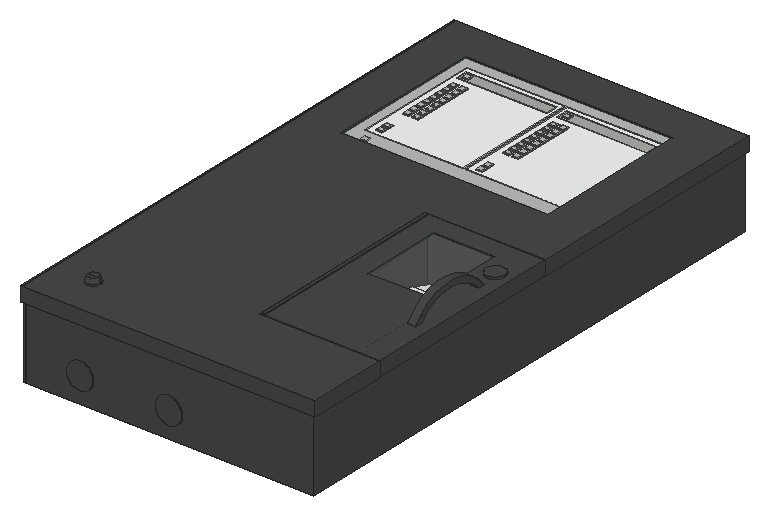
Revit family "Electronics_Communication_Talkaphone_AOR-16-Station-Analog-Command-Unit", category Telephone Devices, host Face, Revit 2020
Family settings
  Host = Face
  Maintain Annotation Orientation = No
  Round Connector Dimension = Use Diameter
  Part Type = Normal
  OmniClass Number = 23.37.27.17
  OmniClass Title = Emergency Call Equipment
  Cut with Voids When Loaded = No
  Shared = No
  Room Calculation Point = No
Parameters (values of type "16-Station Analog Command Unit")
  _without big door [instance] = not(Visible Big Door)  # no
  _small door [instance] = and(Visible Big Door, Visible Small Door)  # yes
  Wiring = "One (1) twisted, shielded pair per station not to exceed 25 ohms resistance"
  Width = 14.50"  # constant formula
  Warranty = "5-year limited warranty"
  Voltage = 120 V  # constant formula
  Visible Small Door [instance] = yes
  Visible Big Door [instance] = yes
  URL = "https://www.talkaphone.com/"
  Supervision Relay = "Activation of Any AOR Station: Contact closure (relay) output; Open/Short Fault on AOR Stations: Contact closure (relay) output; AC Input Power Failure: 24VDC output; Low Battery (Low Voltage Detected): Low/short output; and System Ground Fault: Contact closure (relay) output."
  Sound = "Strobe/siren outputs 1 of 8 alerting sounds ranging from 90 to 100 dBA"
  Programming = "Programming of the Analog Command Unit and Analog Stations can be carried out through the built-in phone via touch-tone commands. All programming is stored on non-volatile EEPROMs."
  Product data url = "https://www.bimobject.com/talkaphone/product/aor-16_area-of-rescue-16-station-command-unit"
  Product Material = Talkaphone - Steel - Black
  Product Guid = "3b7be317-49c3-402e-98d2-5a8fb7e7db29"
  Power Source = "120VAC, 0.7 A (max)"
  Power Factor = 1
  Number of Poles = 1
  Mounting = "Surface mount or recess mount with optional trim ring (Model AOR-TR16). Strobe/sounder mounts to standard 4-inch square box."
  Model = "AOR-16"
  Manufacturer = "Talkaphone"  # constant formula
  Lighting = "Strobe is rated at 15 candela, flashes once per second"
  Keynote = "27 30 00"
  Height = 26.70"  # constant formula
  Fault Reset = "Push button switch provided to temporarily silence while faults are corrected or to re-test/reset fault indicators after faults have been resolved"
  Fault Monitoring = "Activation of any AOR Station, opens/shorts on AOR Station cabling, 110VAC input power failure (primary power loss), low battery backup (low voltage detected), and system ground fault"
  Environment = "For indoor use"
  Edition number = 1
  Description = "THIS FULLY INTEGRATED COMMAND UNIT ACCOMMODATES UP TO 16 ADA-COMPLIANT AREA OF RESCUE STATIONS. THE UNIT’S STROBE/SOUNDER INDICATES AN INCOMING CALL, AND LED LIGHTS INDICATE THE CALLING LOCATION."
  Depth = 5.00"  # constant formula
  Default Elevation = 48.00"
  Construction = "16 gauge, painted steel enclosure with polycarbonate windows"
  Connectivity = "Supports one (1) analog phone line (PSTN line) per bank of 8-stations for off-site dialing (total of two (2) PSTN lines)"
  Connection = "Internal terminal block"
  Communication = "Lighted phone with 12-button keypad receives and selectively originates calls"
  Call Station Options = "Indoor Flush Mount Model: AOR-CSE-FM, Indoor Surface Mount Model: AOR-CSE-SM"
  Assembly Code = "D5030300"
  Approvals = "Power Supply Approvals: EMI conducted and radiated EN61204-3 Class A, Safety EN60950, UL294 Access Control, UL 603 Burglar Systems, UL 1076 Proprietary Burglar, UL 1481 Fire Alarm Systems"
  Apparent Load = 0 VA
  AC Input Rating = "100-240VAC, 50-60 Hz, 2.5A"
Reference planes (in)
  plane 1 "Center (Front/Back)": y = 0
  plane 2: z = 0
  plane 3 "Center (Left/Right)": x = 0
  plane 4: z = 3.9004
Forms (in)
  Extrusion 1, solid, material "Talkaphone - Steel - Black" <- "Product Material"
    sketch origin (0, 0, 0.0625) x (1, 0, 0) y (0, 0, 1)
      loop
        line (-6.69575, 3.604) -> (-7.125, 3.604) -> (-7.125, -0.0625) -> (-7.0625, -0.0625) -> (-7.0625, 3.54164) -> (-6.69575, 3.54164) -> (-6.69575, 3.604)
    from -13.2525 to 13.2525
  Extrusion 2, solid, material "Talkaphone - Steel - Black" <- "Product Material"
    sketch origin (0, 0, 0) x (1, 0, 0) y (0, 1, 0)
      loop
        line (-7.0625, 13.19) -> (-7.0625, -13.19) -> (7.0625, -13.19) -> (7.0625, 13.19) -> (-7.0625, 13.19)
    from 0 to 0.0625
  Extrusion 3, solid, material "Talkaphone - Steel - Black" <- "Product Material", detail levels medium+fine
    sketch origin (0, 0, 0) x (1, 0, 0) y (0, 1, 0)
      loop
        line (1.305, -13.19) -> (1.305, 0.9775) -> (7.0625, 0.9775) -> (7.0625, 1.0375) -> (1.245, 1.0375) -> (1.245, -13.19) -> (1.305, -13.19)
    from 0.0625 to 3.8125
  Extrusion 4, solid, material "Talkaphone - Steel - Black" <- "Product Material", detail levels medium+fine
    sketch origin (0, 0, 0) x (1, 0, 0) y (0, 1, 0)
      loop
        line (-1.875, -7.6275) -> (-1.875, -7.6875) -> (-1.06, -7.6875) -> (-1.06, -13.1275) -> (-1, -13.1275) -> (-1, -7.6275) -> (-1.875, -7.6275)
    from 0.372 to 4.122
  Extrusion 5, solid, material "Talkaphone - Steel - Black" <- "Product Material", detail levels medium+fine
    sketch origin (0, 0, 0) x (1, 0, 0) y (0, 1, 0)
      loop
        line (-5.32776, -3.90604) -> (-5.32776, -10.02809) -> (-4.93406, -10.02809) -> (-4.93406, -9.64817)
        arc (-4.93406, -9.64817) -> (-4.86083, -9.47139) -> (-4.68406, -9.39817) r 0.25
        line (-4.68406, -9.39817) -> (-1.92224, -9.39817) -> (-1.92224, -4.53596) -> (-4.68406, -4.53596)
        arc (-4.68406, -4.53596) -> (-4.86083, -4.46274) -> (-4.93406, -4.28596) r 0.25
        line (-4.93406, -4.28596) -> (-4.93406, -3.90604) -> (-5.32776, -3.90604)
      loop
        line (-4.74846, -4.96252) -> (-5.04846, -4.96252) -> (-5.19846, -5.22233) -> (-5.04846, -5.48214) -> (-4.74846, -5.48214) -> (-4.59846, -5.22233) -> (-4.74846, -4.96252)
      loop
        line (-4.67918, -4.92252) -> (-4.52918, -5.18233) -> (-4.22918, -5.18233) -> (-4.07918, -4.92252) -> (-4.22918, -4.66272) -> (-4.52918, -4.66272) -> (-4.67918, -4.92252)
      loop
        line (-4.22918, -5.28172) -> (-4.52918, -5.28172) -> (-4.67918, -5.54152) -> (-4.52918, -5.80133) -> (-4.22918, -5.80133) -> (-4.07918, -5.54152) -> (-4.22918, -5.28172)
      loop
        line (-3.71046, -4.96252) -> (-4.01046, -4.96252) -> (-4.16046, -5.22233) -> (-4.01046, -5.48214) -> (-3.71046, -5.48214) -> (-3.56046, -5.22233) -> (-3.71046, -4.96252)
      loop
        line (-3.64118, -4.92252) -> (-3.49118, -5.18233) -> (-3.19118, -5.18233) -> (-3.04118, -4.92252) -> (-3.19118, -4.66272) -> (-3.49118, -4.66272) -> (-3.64118, -4.92252)
      loop
        line (-3.19118, -5.28172) -> (-3.49118, -5.28172) -> (-3.64118, -5.54152) -> (-3.49118, -5.80133) -> (-3.19118, -5.80133) -> (-3.04118, -5.54152) -> (-3.19118, -5.28172)
      loop
        line (-2.67246, -4.96252) -> (-2.97246, -4.96252) -> (-3.12246, -5.22233) -> (-2.97246, -5.48214) -> (-2.67246, -5.48214) -> (-2.52246, -5.22233) -> (-2.67246, -4.96252)
      loop
        line (-2.60318, -4.92252) -> (-2.45318, -5.18233) -> (-2.15318, -5.18233) -> (-2.00318, -4.92252) -> (-2.15318, -4.66272) -> (-2.45318, -4.66272) -> (-2.60318, -4.92252)
      loop
        line (-2.15318, -5.28172) -> (-2.45318, -5.28172) -> (-2.60318, -5.54152) -> (-2.45318, -5.80133) -> (-2.15318, -5.80133) -> (-2.00318, -5.54152) -> (-2.15318, -5.28172)
      loop
        line (-4.74846, -6.20052) -> (-5.04846, -6.20052) -> (-5.19846, -6.46033) -> (-5.04846, -6.72014) -> (-4.74846, -6.72014) -> (-4.59846, -6.46033) -> (-4.74846, -6.20052)
      loop
        line (-4.67918, -6.16052) -> (-4.52918, -6.42033) -> (-4.22918, -6.42033) -> (-4.07918, -6.16052) -> (-4.22918, -5.90072) -> (-4.52918, -5.90072) -> (-4.67918, -6.16052)
      loop
        line (-4.22918, -6.51972) -> (-4.52918, -6.51972) -> (-4.67918, -6.77952) -> (-4.52918, -7.03933) -> (-4.22918, -7.03933) -> (-4.07918, -6.77952) -> (-4.22918, -6.51972)
      loop
        line (-3.71046, -6.20052) -> (-4.01046, -6.20052) -> (-4.16046, -6.46033) -> (-4.01046, -6.72014) -> (-3.71046, -6.72014) -> (-3.56046, -6.46033) -> (-3.71046, -6.20052)
      loop
        line (-3.64118, -6.16052) -> (-3.49118, -6.42033) -> (-3.19118, -6.42033) -> (-3.04118, -6.16052) -> (-3.19118, -5.90072) -> (-3.49118, -5.90072) -> (-3.64118, -6.16052)
      loop
        line (-3.19118, -6.51972) -> (-3.49118, -6.51972) -> (-3.64118, -6.77952) -> (-3.49118, -7.03933) -> (-3.19118, -7.03933) -> (-3.04118, -6.77952) -> (-3.19118, -6.51972)
      loop
        line (-2.67246, -6.20052) -> (-2.97246, -6.20052) -> (-3.12246, -6.46033) -> (-2.97246, -6.72014) -> (-2.67246, -6.72014) -> (-2.52246, -6.46033) -> (-2.67246, -6.20052)
      loop
        line (-2.60318, -6.16052) -> (-2.45318, -6.42033) -> (-2.15318, -6.42033) -> (-2.00318, -6.16052) -> (-2.15318, -5.90072) -> (-2.45318, -5.90072) -> (-2.60318, -6.16052)
      loop
        line (-2.15318, -6.51972) -> (-2.45318, -6.51972) -> (-2.60318, -6.77952) -> (-2.45318, -7.03933) -> (-2.15318, -7.03933) -> (-2.00318, -6.77952) -> (-2.15318, -6.51972)
      loop
        line (-4.74846, -5.58059) -> (-5.04846, -5.58059) -> (-5.19846, -5.8404) -> (-5.04846, -6.10021) -> (-4.74846, -6.10021) -> (-4.59846, -5.8404) -> (-4.74846, -5.58059)
      loop
        line (-3.71046, -5.58059) -> (-4.01046, -5.58059) -> (-4.16046, -5.8404) -> (-4.01046, -6.10021) -> (-3.71046, -6.10021) -> (-3.56046, -5.8404) -> (-3.71046, -5.58059)
      loop
        line (-2.67246, -5.58059) -> (-2.97246, -5.58059) -> (-3.12246, -5.8404) -> (-2.97246, -6.10021) -> (-2.67246, -6.10021) -> (-2.52246, -5.8404) -> (-2.67246, -5.58059)
      loop
        line (-4.74846, -7.43852) -> (-5.04846, -7.43852) -> (-5.19846, -7.69833) -> (-5.04846, -7.95814) -> (-4.74846, -7.95814) -> (-4.59846, -7.69833) -> (-4.74846, -7.43852)
      loop
        line (-4.67918, -7.39852) -> (-4.52918, -7.65833) -> (-4.22918, -7.65833) -> (-4.07918, -7.39852) -> (-4.22918, -7.13872) -> (-4.52918, -7.13872) -> (-4.67918, -7.39852)
      loop
        line (-4.22918, -7.75772) -> (-4.52918, -7.75772) -> (-4.67918, -8.01752) -> (-4.52918, -8.27733) -> (-4.22918, -8.27733) -> (-4.07918, -8.01752) -> (-4.22918, -7.75772)
      loop
        line (-3.71046, -7.43852) -> (-4.01046, -7.43852) -> (-4.16046, -7.69833) -> (-4.01046, -7.95814) -> (-3.71046, -7.95814) -> (-3.56046, -7.69833) -> (-3.71046, -7.43852)
      loop
        line (-3.64118, -7.39852) -> (-3.49118, -7.65833) -> (-3.19118, -7.65833) -> (-3.04118, -7.39852) -> (-3.19118, -7.13872) -> (-3.49118, -7.13872) -> (-3.64118, -7.39852)
      loop
        line (-3.19118, -7.75772) -> (-3.49118, -7.75772) -> (-3.64118, -8.01752) -> (-3.49118, -8.27733) -> (-3.19118, -8.27733) -> (-3.04118, -8.01752) -> (-3.19118, -7.75772)
      loop
        line (-2.67246, -7.43852) -> (-2.97246, -7.43852) -> (-3.12246, -7.69833) -> (-2.97246, -7.95814) -> (-2.67246, -7.95814) -> (-2.52246, -7.69833) -> (-2.67246, -7.43852)
      loop
        line (-2.60318, -7.39852) -> (-2.45318, -7.65833) -> (-2.15318, -7.65833) -> (-2.00318, -7.39852) -> (-2.15318, -7.13872) -> (-2.45318, -7.13872) -> (-2.60318, -7.39852)
      loop
        line (-2.15318, -7.75772) -> (-2.45318, -7.75772) -> (-2.60318, -8.01752) -> (-2.45318, -8.27733) -> (-2.15318, -8.27733) -> (-2.00318, -8.01752) -> (-2.15318, -7.75772)
      loop
        line (-4.74846, -8.67652) -> (-5.04846, -8.67652) -> (-5.19846, -8.93633) -> (-5.04846, -9.19614) -> (-4.74846, -9.19614) -> (-4.59846, -8.93633) -> (-4.74846, -8.67652)
      loop
        line (-4.67918, -8.63652) -> (-4.52918, -8.89633) -> (-4.22918, -8.89633) -> (-4.07918, -8.63652) -> (-4.22918, -8.37672) -> (-4.52918, -8.37672) -> (-4.67918, -8.63652)
      loop
        line (-3.71046, -8.67652) -> (-4.01046, -8.67652) -> (-4.16046, -8.93633) -> (-4.01046, -9.19614) -> (-3.71046, -9.19614) -> (-3.56046, -8.93633) -> (-3.71046, -8.67652)
      loop
        line (-3.64118, -8.63652) -> (-3.49118, -8.89633) -> (-3.19118, -8.89633) -> (-3.04118, -8.63652) -> (-3.19118, -8.37672) -> (-3.49118, -8.37672) -> (-3.64118, -8.63652)
      loop
        line (-2.67246, -8.67652) -> (-2.97246, -8.67652) -> (-3.12246, -8.93633) -> (-2.97246, -9.19614) -> (-2.67246, -9.19614) -> (-2.52246, -8.93633) -> (-2.67246, -8.67652)
      loop
        line (-2.60318, -8.63652) -> (-2.45318, -8.89633) -> (-2.15318, -8.89633) -> (-2.00318, -8.63652) -> (-2.15318, -8.37672) -> (-2.45318, -8.37672) -> (-2.60318, -8.63652)
      loop
        line (-4.74846, -8.05659) -> (-5.04846, -8.05659) -> (-5.19846, -8.3164) -> (-5.04846, -8.57621) -> (-4.74846, -8.57621) -> (-4.59846, -8.3164) -> (-4.74846, -8.05659)
      loop
        line (-3.71046, -8.05659) -> (-4.01046, -8.05659) -> (-4.16046, -8.3164) -> (-4.01046, -8.57621) -> (-3.71046, -8.57621) -> (-3.56046, -8.3164) -> (-3.71046, -8.05659)
      loop
        line (-2.67246, -8.05659) -> (-2.97246, -8.05659) -> (-3.12246, -8.3164) -> (-2.97246, -8.57621) -> (-2.67246, -8.57621) -> (-2.52246, -8.3164) -> (-2.67246, -8.05659)
      loop
        line (-4.74989, -6.81705) -> (-5.04989, -6.81705) -> (-5.19989, -7.07686) -> (-5.04989, -7.33667) -> (-4.74989, -7.33667) -> (-4.59989, -7.07686) -> (-4.74989, -6.81705)
      loop
        line (-3.71243, -6.81705) -> (-4.01243, -6.81705) -> (-4.16243, -7.07686) -> (-4.01243, -7.33667) -> (-3.71243, -7.33667) -> (-3.56243, -7.07686) -> (-3.71243, -6.81705)
      loop
        line (-2.66828, -6.81705) -> (-2.96828, -6.81705) -> (-3.11828, -7.07686) -> (-2.96828, -7.33667) -> (-2.66828, -7.33667) -> (-2.51828, -7.07686) -> (-2.66828, -6.81705)
    from 1.76964 to 1.82869
  Extrusion 6, solid, material "Talkaphone - Steel - Black" <- "Product Material", detail levels medium+fine
    sketch origin (0, 0, 0) x (1, 0, 0) y (0, 0, 1)
      loop
        line (-5.2687, 1.76964) -> (-5.325, 1.76964) -> (-5.325, 0.372) -> (-1.92224, 0.372) -> (-1.92224, 0.73027) -> (-5.2687, 0.73027) -> (-5.2687, 1.76964)
    from 3.90604 to 10.02809
  Extrusion 7, solid, material "Talkaphone - Steel - Black" <- "Product Material", detail levels medium+fine
    sketch origin (0, 0, 0) x (1, 0, 0) y (0, 0, 1)
      loop
        line (-1.92224, 1.76964) -> (-1.9813, 1.76964) -> (-1.9813, 0.48429) -> (-1.92224, 0.48429) -> (-1.92224, 1.76964)
    from 4.53596 to 9.39817
  Extrusion 8, solid, material "Talkaphone - Steel - Black" <- "Product Material", detail levels medium+fine
    sketch origin (0, 0, 0) x (1, 0, 0) y (0, 1, 0)
      loop
        line (-1.125, -3.7525) -> (-6.125, -3.7525) -> (-6.125, -10.2525) -> (-1.125, -10.2525) -> (-1.125, -3.7525)
    from 0.312 to 0.372
  Extrusion 9, solid, material "Talkaphone - Steel - Black" <- "Product Material", detail levels medium+fine
    sketch origin (0, 0, 0) x (0, 1, 0) y (0, 0, 1)
      loop
        line (-2.9625, 3.77251) -> (-2.5625, 3.77251) -> (-2.5625, 3.83251) -> (-3.0225, 3.83251) -> (-3.0225, 0.0625) -> (-2.9625, 0.0625) -> (-2.9625, 3.77251)
    from -6.125 to 0.375
  Extrusion 10, solid, material "Talkaphone - Steel - Black" <- "Product Material", detail levels medium+fine
    sketch origin (0, 0, 0) x (1, 0, 0) y (0, 1, 0)
      loop
        line (-4.625, -3.0225) -> (-4.625, -3.5725) -> (-1.125, -3.5725) -> (-1.125, -3.0225) -> (-4.625, -3.0225)
      loop
        line (-4.655, -1.5225) -> (-6.125, -1.5225) -> (-6.125, -2.9625) -> (-4.655, -2.9625) -> (-4.655, -1.5225)
      loop
        line (-1.095, -2.9625) -> (0.375, -2.9625) -> (0.375, -1.5225) -> (-1.095, -1.5225) -> (-1.095, -2.9625)
    from 0.0625 to 0.1225
  Extrusion 11, solid, material "Talkaphone - Steel - Black" <- "Product Material", detail levels medium+fine
    sketch origin (0, 0, 0) x (1, 0, 0) y (0, 1, 0)
      loop
        line (-3.3125, 8.59) -> (-3.3125, 2.09) -> (2.9375, 2.09) -> (2.9375, 3.09) -> (5.6875, 3.09) -> (5.6875, 2.09) -> (6.4375, 2.09) -> (6.4375, 8.59) -> (-3.3125, 8.59)
    from 2.8452 to 2.9092
  Extrusion 12, solid, material "Talkaphone - Steel - Black" <- "Product Material", detail levels medium+fine
    sketch origin (0, 0, 0) x (1, 0, 0) y (0, 1, 0)
      loop
        line (-3.3125, 9.6242) -> (-3.3125, 2.09) -> (6.4375, 2.09) -> (6.4375, 9.6242) -> (-3.3125, 9.6242)
    from 0.08464 to 0.1225
  Extrusion 13, solid, material "Talkaphone - Steel - Black" <- "Product Material", detail levels medium+fine
    sketch origin (0, 0, 0) x (1, 0, 0) y (0, 1, 0)
      loop
        line (2.0639, 5.52084) -> (1.81197, 5.52084) -> (1.81197, 5.26891) -> (2.0639, 5.26891) -> (2.0639, 5.52084)
      loop
        line (6.31288, 9.46646) -> (6.06095, 9.46646) -> (6.06095, 9.21453) -> (6.31288, 9.21453) -> (6.31288, 9.46646)
      loop
        line (-2.93909, 9.46646) -> (-3.19102, 9.46646) -> (-3.19102, 9.21453) -> (-2.93909, 9.21453) -> (-2.93909, 9.46646)
    from 0.0625 to 1.5952
  Extrusion 14, solid, material "Talkaphone - Steel - Black" <- "Product Material", detail levels medium+fine
    sketch origin (0, 0, 0) x (1, 0, 0) y (0, 1, 0)
      loop
        line (-2.93909, 5.96503) -> (-3.19102, 5.96503) -> (-3.19102, 5.7131) -> (-2.93909, 5.7131) -> (-2.93909, 5.96503)
      loop
        line (-2.93909, 2.46596) -> (-3.19102, 2.46596) -> (-3.19102, 2.21403) -> (-2.93909, 2.21403) -> (-2.93909, 2.46596)
      loop
        line (6.31288, 5.96503) -> (6.06095, 5.96503) -> (6.06095, 5.7131) -> (6.31288, 5.7131) -> (6.31288, 5.96503)
      loop
        line (6.31288, 2.46596) -> (6.06095, 2.46596) -> (6.06095, 2.21403) -> (6.31288, 2.21403) -> (6.31288, 2.46596)
    from 0.0625 to 2.8452
  Extrusion 15, solid, material "Talkaphone - Plastic - Grey_RAL 9006", detail levels fine
    sketch origin (0, 0.35118, 1.02438) x (1, 0, 0) y (0, 0.977332, 0.211712)
      loop
        line (5.375, -5.56865) -> (5.375, -5.81295) -> (5.875, -5.81295) -> (5.875, -5.56865) -> (5.375, -5.56865)
      loop
        line (5.875, -5.32436) -> (5.875, -5.08006) -> (5.375, -5.08006) -> (5.375, -5.32436) -> (5.875, -5.32436)
      loop
        line (5.875, -4.83577) -> (5.875, -4.59148) -> (5.375, -4.59148) -> (5.375, -4.83577) -> (5.875, -4.83577)
    from 2.01439 to 2.2056
  Sweep 16, solid, material "Talkaphone - Plastic - White", detail levels medium+fine
    path origin (0, -0.00085, -0.00027) x (0, 1, -0.000253) y (0, 0.000253, 1)
      loop
        line (-7.783, 2.41414) -> (-4.76152, 3.18164)
        arc (-4.76152, 3.18164) -> (-3.56524, 3.30908) -> (-2.38145, 3.09474) r 4.2318
        line (-2.38145, 3.09474) -> (-0.54396, 2.48224)
    profile origin (0, -3.56526, 3.30972) x (0, -0.036742, -0.999325) y (1, 0, 0)
      loop
        line (0.00282, 4.325) -> (0.00282, 3.325) -> (0.35259, 2.825) -> (1.17994, 2.825) -> (1.17994, 4.825) -> (0.35259, 4.825) -> (0.00282, 4.325)
  Extrusion 17, void
    sketch origin (0, 0, 0) x (1, 0, 0) y (0, 1, 0)
      loop
        spline (3.75, 0.24102) -> (3.62658, 0.23324) -> (3.50527, 0.21023) -> (3.38812, 0.17253) -> (3.27718, 0.12064) -> (3.17442, 0.05523) -> (3.08146, -0.02239) -> (2.99985, -0.11081) -> (2.93111, -0.20856) -> (2.87663, -0.31413) -> (2.83712, -0.42563) -> (2.81316, -0.54107) -> (2.80531, -0.6585)
        line (2.80531, -0.6585) -> (2.80531, -7.6826)
        spline (2.80531, -7.6826) -> (2.81178, -7.80352) -> (2.83461, -7.92258) -> (2.87325, -8.03771) -> (2.92715, -8.14684) -> (2.9956, -8.248) -> (3.0772, -8.33957) -> (3.1704, -8.42003) -> (3.27364, -8.48786) -> (3.38525, -8.54171) -> (3.50324, -8.58085) -> (3.62549, -8.60474) -> (3.74989, -8.61282)
        line (3.74989, -8.61282) -> (3.89989, -8.61282)
        spline (3.89989, -8.61282) -> (4.02312, -8.60489) -> (4.14426, -8.58146) -> (4.26126, -8.54304) -> (4.37206, -8.49018) -> (4.47471, -8.42356) -> (4.5676, -8.34449) -> (4.64919, -8.25444) -> (4.71797, -8.15487) -> (4.77257, -8.04734) -> (4.81226, -7.93376) -> (4.83648, -7.81613) -> (4.84469, -7.69645)
        line (4.84469, -7.69645) -> (4.84469, -0.65565)
        spline (4.84469, -0.65565) -> (4.83648, -0.53849) -> (4.81223, -0.42334) -> (4.77251, -0.31216) -> (4.71789, -0.20692) -> (4.64908, -0.10949) -> (4.56747, -0.02139) -> (4.47459, 0.05596) -> (4.37195, 0.12111) -> (4.26118, 0.1728) -> (4.14423, 0.21036) -> (4.02316, 0.23327) -> (3.9, 0.24102)
        line (3.9, 0.24102) -> (3.75, 0.24102)
    from 0.80184 to 2.38463
  Extrusion 18, solid, material "Talkaphone - Steel - Black" <- "Product Material", detail levels medium+fine
    sketch origin (0, 0, 0) x (1, 0, 0) y (0, 0, 1)
      loop
        arc (-7.227, 3.7085) -> (-7.28983, 3.55682) -> (-7.13815, 3.61965) r 0.08885
        line (-7.13815, 3.61965) -> (-7.13815, 3.6665) -> (-6.69575, 3.6665) -> (-6.69575, 3.7085) -> (-7.227, 3.7085)
    from -12.252 to 11.748
  Extrusion 19, solid, material "Talkaphone - Steel - Black" <- "Product Material"
    sketch origin (0, 0, 0) x (1, 0, 0) y (0, 1, 0)
      loop
        line (7.125, 13.2525) -> (-7.0625, 13.2525) -> (-7.0625, 13.19) -> (7.0625, 13.19) -> (7.0625, -13.19) -> (-7.0625, -13.19) -> (-7.0625, -13.2525) -> (7.125, -13.2525) -> (7.125, 13.2525)
    from 0 to 4.1775
  Extrusion 20, solid, material "Talkaphone - Steel - Black" <- "Product Material", detail levels medium+fine
    sketch origin (0, 0, 0) x (1, 0, 0) y (0, 1, 0)
      loop
        line (-6.125, 1.0175) -> (-6.125, -3.0025) -> (-3.325, -3.0025) -> (-3.325, 1.0175) -> (-6.125, 1.0175)
      loop
        line (-2.425, 1.0175) -> (-2.425, -3.0025) -> (0.375, -3.0025) -> (0.375, 1.0175) -> (-2.425, 1.0175)
    from 0.1225 to 3.6665
  Extrusion 21, solid, material "Talkaphone - Steel - Black" <- "Product Material", detail levels medium+fine
    sketch origin (0, 0, 0) x (1, 0, 0) y (0, 1, 0)
      loop
        circle (-4.37733, 11.75045) r 0.65758
      loop
        circle (0, 11.75045) r 0.65758
      loop
        circle (4.37733, 11.75045) r 0.65758
      loop
        circle (-4.87551, 8.25474) r 0.65758
      loop
        circle (-4.37733, -11.5025) r 0.65758
      loop
        circle (0, -11.5025) r 0.65758
    from 0 to 0.0625
  Extrusion 22, solid, material "Talkaphone - Steel - Black" <- "Product Material", detail levels medium+fine
    sketch origin (0, 0, 0) x (1, 0, 0) y (0, 0, 1)
      loop
        circle (-4.37733, 1.24938) r 0.65758
      loop
        circle (0, 1.24938) r 0.65758
      loop
        circle (4.37377, 1.24938) r 0.65758
    from -13.2525 to -13.19
  Extrusion 23, solid, material "Talkaphone - Steel - Black" <- "Product Material", detail levels medium+fine
    sketch origin (0, 0, 0) x (1, 0, 0) y (0, 0, 1)
      loop
        circle (-4.37733, 1.24938) r 0.65758
      loop
        circle (0, 1.24938) r 0.65758
    from 13.19 to 13.2525
  Extrusion 24, solid, material "Talkaphone - Plastic - White", detail levels medium+fine
    sketch origin (0, 0, 0) x (0, 1, 0) y (0, 0, 1)
      loop
        line (-8.81456, 0.74011) -> (-8.52366, 0.09385) -> (-0.05591, 0.09385) -> (0.25615, 0.65681) -> (0.25615, 1.1599) -> (-2.45216, 2.05238)
        arc (-2.45216, 2.05238) -> (-3.42003, 2.20541) -> (-4.38902, 2.05971) r 3.21426
        line (-4.38902, 2.05971) -> (-8.44762, 1.17741) -> (-8.81456, 0.74011)
    from 2.325 to 6.575
  Extrusion 25, solid, material "Talkaphone - Steel - Black" <- "Product Material", visible <- "Visible Big Door"
    sketch origin (0, 0, 0) x (1, 0, 0) y (0, 1, 0)
      loop
        line (-7.18015, 13.273) -> (-7.18015, -13.273) -> (7.1911, -13.273) -> (7.1911, -9.3355) -> (1.3371, -9.3355) -> (1.3371, 0.852) -> (7.1911, 0.852) -> (7.1911, 13.273) -> (-7.18015, 13.273)
      loop
        line (-5.09452, 11.382) -> (-5.09452, 3.682) -> (5.10548, 3.682) -> (5.10548, 11.382) -> (-5.09452, 11.382)
    from 4.1879 to 4.2504
  Extrusion 26, solid, material "Talkaphone - Plastic - Clear plastic", visible <- "Visible Big Door"
    sketch origin (0, 0, 0) x (1, 0, 0) y (0, 1, 0)
      loop
        line (6.44298, 12.032) -> (-6.43202, 12.032) -> (-6.43202, 3.032) -> (6.44298, 3.032) -> (6.44298, 12.032)
    from 4.0629 to 4.12559
  Extrusion 27, solid, material "Talkaphone - Plastic - Grey_RAL 9006", detail levels medium+fine
    sketch origin (0, 0, 0) x (1, 0, 0) y (0, 0, 1)
      loop
        line (-6.24452, 4.0629) -> (-6.24452, 4.0004) -> (-5.65702, 4.0004) -> (-5.65702, 3.8779) -> (5.66798, 3.8779) -> (5.66798, 4.0004) -> (6.25548, 4.0004) -> (6.25548, 4.0629) -> (5.60548, 4.0629) -> (5.60548, 3.9404) -> (5.50548, 3.9404) -> (-5.48357, 3.9404) -> (-5.59452, 3.9404) -> (-5.59452, 4.0629) -> (-6.24452, 4.0629)
    from -3.28203 to -11.78283
  Extrusion 28, solid, material "Talkaphone - Steel - Black" <- "Product Material", visible <- "Visible Big Door", detail levels medium+fine
    sketch origin (-0.25729, 0, 0) x (1, 0, 0) y (0, 0, 1)
      loop
        circle (1.65714, 4.21915) r 0.06275
    from -0.7784 to 9.24244
  Revolve 29, solid, material "Talkaphone - Steel - Black" <- "Product Material", visible <- "Visible Big Door", detail levels fine
    sketch origin (0, -11.3312, 0) x (1, 0, 0) y (0, 0, 1)
      loop
        line (-5.49182, 4.51926) -> (-5.58714, 4.30552) -> (-5.58714, 4.2504) -> (-5.24546, 4.2504) -> (-5.24546, 4.51926) -> (-5.49182, 4.51926)
      axis (-5.24546, 4.2504) -> (-5.24546, 4.51926)
    angle from 0 to 360
  Extrusion 30, solid, material "Talkaphone - Steel - Black" <- "Product Material", visible <- "_small door"
    sketch origin (0, 0, 0) x (1, 0, 0) y (0, 1, 0)
      loop
        line (1.4626, 0.827) -> (1.4626, -9.3105) -> (7.1911, -9.3105) -> (7.1911, 0.827) -> (1.4626, 0.827)
      loop
        line (2.5922, -0.173) -> (2.5922, -4.24175) -> (5.5922, -4.24175) -> (5.5922, -0.173) -> (2.5922, -0.173)
    from 4.1879 to 4.2504
  Extrusion 31, solid, material "Talkaphone - Plastic - Clear plastic", visible <- "_small door"
    sketch origin (0, 0, 0) x (1, 0, 0) y (0, 1, 0)
      loop
        line (6.1547, 0.38325) -> (2.0297, 0.38325) -> (2.0297, -8.86675) -> (6.1547, -8.86675) -> (6.1547, 0.38325)
    from 4.0629 to 4.1879
  Extrusion 32, solid, material "Talkaphone - Steel - Black" <- "Product Material", visible <- "_small door", detail levels medium+fine
    sketch origin (0, 0, 0) x (0, 1, 0) y (0, 0, 1)
      loop
        line (-6.34465, 4.2504) -> (-5.98824, 4.2504)
        arc (-5.98824, 4.2504) -> (-4.23202, 5.03199) -> (-2.4758, 4.2504) r 2.36389
        line (-2.4758, 4.2504) -> (-2.11939, 4.2504)
        arc (-2.11939, 4.2504) -> (-4.23202, 5.30759) -> (-6.34465, 4.2504) r 2.63948
    from 6.2305 to 6.6184
  Extrusion 33, solid, material "Talkaphone - Steel - Black" <- "Product Material", visible <- "_small door", detail levels fine
    sketch origin (0, 0, 0) x (1, 0, 0) y (0, 1, 0)
      loop
        circle (6.4222, -1.1855) r 0.4605
    from 4.2504 to 4.33123
  Extrusion 34, solid, material "Talkaphone - Steel - Black" <- "Product Material", visible <- "Visible Big Door"
    sketch origin (0, 0, 0) x (0, 1, 0) y (0, 0, 1)
      loop
        line (-13.273, 3.5379) -> (-11.768, 3.5379) -> (-11.768, 3.7519) -> (12.272, 3.7519) -> (12.272, 3.5379) -> (13.273, 3.5379) -> (13.273, 4.2504) -> (-13.273, 4.2504) -> (-13.273, 3.5379)
    from -7.24265 to -7.18015
  Extrusion 35, solid, material "Talkaphone - Steel - Black" <- "Product Material", visible <- "Visible Big Door"
    sketch origin (0, 0, 0) x (1, 0, 0) y (0, 1, 0)
      loop
        line (7.2536, 13.3355) -> (-7.24265, 13.3355) -> (-7.24265, 13.273) -> (7.1911, 13.273) -> (7.1911, 0.852) -> (7.2536, 0.852) -> (7.2536, 13.3355)
      loop
        line (7.2536, -13.3355) -> (7.2536, -9.3355) -> (7.1911, -9.3355) -> (7.1911, -13.273) -> (-7.24265, -13.273) -> (-7.24265, -13.3355) -> (7.2536, -13.3355)
    from 3.5379 to 4.2504
  Extrusion 36, solid, material "Talkaphone - Steel - Black" <- "Product Material", visible <- "_small door"
    sketch origin (0, 0, 0) x (1, 0, 0) y (0, 1, 0)
      loop
        line (7.1911, 0.827) -> (7.1911, -9.3105) -> (7.2536, -9.3105) -> (7.2536, 0.827) -> (7.1911, 0.827)
    from 3.5379 to 4.2504
  Sweep 37, solid, material "Talkaphone - Plastic - White", detail levels medium+fine
    path origin (-0.00766, 0.40128, 1.98786) x (1, 0, 0) y (0, 0.969282, 0.245953)
      loop
        arc (3.32482, -7.82247) -> (3.44936, -8.12312) -> (3.75, -8.24765) r 0.42518
        line (3.75, -8.24765) -> (3.9, -8.24765)
        arc (3.9, -8.24765) -> (4.20064, -8.12312) -> (4.32518, -7.82247) r 0.42518
    profile origin (3.31716, -7.1809, 0.0639) x (-1, 0, 0) y (0, -0.245953, 0.969282)
      loop
        line (0.49982, 1.23248) -> (0.49982, 2.05957) -> (-0.00018, 2.40923) -> (-0.00018, 1.23248) -> (0.49982, 1.23248)
  Extrusion 38, solid, material "Talkaphone - Plastic - White", detail levels medium+fine
    sketch origin (-8.93558, 0.37811, -3.70491) x (1, 0, 0) y (0, 0.969282, 0.245953)
      loop
        arc (12.25844, -6.4076) -> (12.38292, -6.70812) -> (12.68344, -6.8326) r 0.425
        line (12.68344, -6.8326) -> (12.83344, -6.8326)
        arc (12.83344, -6.8326) -> (13.13396, -6.70812) -> (13.25844, -6.4076) r 0.425
        line (13.25844, -6.4076) -> (12.25844, -6.4076)
    from 6.76027 to 7.93739
  Sweep 39, solid, material "Talkaphone - Plastic - White", detail levels medium+fine
    path origin (-0.00756, -8.71791, 2.66802) x (1, 0, 0) y (0, 0.948089, -0.318004)
      loop
        arc (3.32482, 7.82247) -> (3.44936, 8.12312) -> (3.75, 8.24765) r 0.42518
        line (3.75, 8.24765) -> (3.9, 8.24765)
        arc (3.9, 8.24765) -> (4.20064, 8.12312) -> (4.32518, 7.82247) r 0.42518
    profile origin (3.31726, -1.30151, 0.18044) x (1, 0, 0) y (0, 0.318004, 0.948089)
      loop
        line (-0.49982, 1.23248) -> (0.00018, 1.23248) -> (0.00018, 2.40923) -> (-0.49982, 2.05957) -> (-0.49982, 1.23248)
  Extrusion 40, solid, material "Talkaphone - Plastic - White", detail levels medium+fine
    sketch origin (-8.96672, -9.14589, -3.00954) x (1, 0, 0) y (0, 0.948089, -0.318004)
      loop
        line (12.25844, 6.4076) -> (13.25844, 6.4076)
        arc (13.25844, 6.4076) -> (13.13396, 6.70812) -> (12.83344, 6.8326) r 0.425
        line (12.83344, 6.8326) -> (12.68344, 6.8326)
        arc (12.68344, 6.8326) -> (12.38292, 6.70812) -> (12.25844, 6.4076) r 0.425
    from 6.76027 to 7.91318
  Extrusion 41, void
    sketch origin (-14.70049, -180, 3.9004) x (-1, 0, 0) y (0, -1, 0)
      loop
        line (-9.83596, -191.162) -> (-9.83596, -184.912) -> (-14.64846, -184.912) -> (-14.64846, -191.162) -> (-9.83596, -191.162)
      loop
        line (-14.77346, -191.162) -> (-14.77346, -184.912) -> (-19.58596, -184.912) -> (-19.58596, -191.162) -> (-14.77346, -191.162)
    from 0 to 0.06
  Extrusion 42, solid, material "Talkaphone - Plastic - White", detail levels medium
    sketch origin (-14.70049, -180, 3.9004) x (-1, 0, 0) y (0, -1, 0)
      loop
        line (-9.83596, -191.162) -> (-9.83596, -184.912) -> (-14.64846, -184.912) -> (-14.64846, -191.162) -> (-9.83596, -191.162)
      loop
        line (-14.77346, -191.162) -> (-14.77346, -184.912) -> (-19.58596, -184.912) -> (-19.58596, -191.162) -> (-14.77346, -191.162)
    from 0 to 0.04
  Extrusion 43, solid, material "Talkaphone - Plastic - White", detail levels fine
    sketch origin (-14.70049, -180, 3.9004) x (-1, 0, 0) y (0, -1, 0)
      loop
        line (-9.83596, -191.162) -> (-9.83596, -184.912) -> (-14.64846, -184.912) -> (-14.64846, -191.162) -> (-9.83596, -191.162)
      loop
        line (-14.77346, -191.162) -> (-14.77346, -184.912) -> (-19.58596, -184.912) -> (-19.58596, -191.162) -> (-14.77346, -191.162)
      loop
        line (-10.021, -190.88641) -> (-10.021, -190.29586) -> (-14.46342, -190.29586) -> (-14.46342, -190.88641) -> (-10.021, -190.88641)
      loop
        line (-10.15596, -189.8995) -> (-10.15596, -186.7995) -> (-10.46596, -186.7995) -> (-10.46596, -189.8995) -> (-10.15596, -189.8995)
      loop
        line (-10.60596, -189.8995) -> (-10.60596, -186.7995) -> (-10.91596, -186.7995) -> (-10.91596, -189.8995) -> (-10.60596, -189.8995)
      loop
        line (-10.15596, -185.862) -> (-10.15596, -185.15476) -> (-10.46596, -185.15476) -> (-10.46596, -185.862) -> (-10.15596, -185.862)
      loop
        line (-14.9585, -190.88641) -> (-14.9585, -190.29586) -> (-19.40092, -190.29586) -> (-19.40092, -190.88641) -> (-14.9585, -190.88641)
      loop
        line (-15.09346, -189.8995) -> (-15.09346, -186.7995) -> (-15.40346, -186.7995) -> (-15.40346, -189.8995) -> (-15.09346, -189.8995)
      loop
        line (-15.54346, -189.8995) -> (-15.54346, -186.7995) -> (-15.85346, -186.7995) -> (-15.85346, -189.8995) -> (-15.54346, -189.8995)
      loop
        line (-15.09346, -185.862) -> (-15.09346, -185.15476) -> (-15.40346, -185.15476) -> (-15.40346, -185.862) -> (-15.09346, -185.862)
    from 0 to 0.04
  Extrusion 44, solid, material "Talkaphone - Plastic - Grey_RAL 9007", detail levels fine
    sketch origin (-14.70049, -180, 3.9004) x (-1, 0, 0) y (0, -1, 0)
      loop
        line (-10.021, -190.88641) -> (-10.021, -190.29586) -> (-14.46342, -190.29586) -> (-14.46342, -190.88641) -> (-10.021, -190.88641)
      loop
        line (-10.15596, -190.742) -> (-10.15596, -190.442) -> (-10.46596, -190.442) -> (-10.46596, -190.742) -> (-10.15596, -190.742)
      loop
        line (-14.9585, -190.88641) -> (-14.9585, -190.29586) -> (-19.40092, -190.29586) -> (-19.40092, -190.88641) -> (-14.9585, -190.88641)
      loop
        line (-15.09346, -190.742) -> (-15.09346, -190.442) -> (-15.40346, -190.442) -> (-15.40346, -190.742) -> (-15.09346, -190.742)
    from 0 to 0.04
  Extrusion 45, solid, material "Talkaphone - Steel - Black", detail levels fine
    sketch origin (-14.70049, -180, 3.9004) x (-1, 0, 0) y (0, -1, 0)
      loop
        line (-10.15596, -190.742) -> (-10.15596, -190.442) -> (-10.46596, -190.442) -> (-10.46596, -190.742) -> (-10.15596, -190.742)
      loop
        line (-10.15596, -189.8995) -> (-10.15596, -186.7995) -> (-10.46596, -186.7995) -> (-10.46596, -189.8995) -> (-10.15596, -189.8995)
      loop
        line (-10.60596, -189.8995) -> (-10.60596, -186.7995) -> (-10.91596, -186.7995) -> (-10.91596, -189.8995) -> (-10.60596, -189.8995)
      loop
        line (-10.15596, -185.15476) -> (-10.46596, -185.15476) -> (-10.46596, -185.862) -> (-10.15596, -185.862) -> (-10.15596, -185.15476)
      loop
        line (-15.09346, -190.742) -> (-15.09346, -190.442) -> (-15.40346, -190.442) -> (-15.40346, -190.742) -> (-15.09346, -190.742)
      loop
        line (-15.09346, -189.8995) -> (-15.09346, -186.7995) -> (-15.40346, -186.7995) -> (-15.40346, -189.8995) -> (-15.09346, -189.8995)
      loop
        line (-15.54346, -189.8995) -> (-15.54346, -186.7995) -> (-15.85346, -186.7995) -> (-15.85346, -189.8995) -> (-15.54346, -189.8995)
      loop
        line (-15.09346, -185.15476) -> (-15.40346, -185.15476) -> (-15.40346, -185.862) -> (-15.09346, -185.862) -> (-15.09346, -185.15476)
    from 0 to 0.04
  Extrusion 46, solid, material "Talkaphone - Plastic - Grey_RAL 9006", detail levels fine
    sketch origin (-14.70049, -180, 3.9004) x (-1, 0, 0) y (0, -1, 0)
      loop
        line (-10.18596, -190.712) -> (-10.18596, -190.462) -> (-10.43596, -190.462) -> (-10.43596, -190.712) -> (-10.18596, -190.712)
      loop
        line (-10.18596, -189.8695) -> (-10.18596, -189.6195) -> (-10.43596, -189.6195) -> (-10.43596, -189.8695) -> (-10.18596, -189.8695)
      loop
        line (-10.18596, -189.4695) -> (-10.18596, -189.2195) -> (-10.43596, -189.2195) -> (-10.43596, -189.4695) -> (-10.18596, -189.4695)
      loop
        line (-10.18596, -189.0695) -> (-10.18596, -188.8195) -> (-10.43596, -188.8195) -> (-10.43596, -189.0695) -> (-10.18596, -189.0695)
      loop
        line (-10.18596, -188.6695) -> (-10.18596, -188.4195) -> (-10.43596, -188.4195) -> (-10.43596, -188.6695) -> (-10.18596, -188.6695)
      loop
        line (-10.18596, -188.2695) -> (-10.18596, -188.0195) -> (-10.43596, -188.0195) -> (-10.43596, -188.2695) -> (-10.18596, -188.2695)
      loop
        line (-10.18596, -187.8695) -> (-10.18596, -187.6195) -> (-10.43596, -187.6195) -> (-10.43596, -187.8695) -> (-10.18596, -187.8695)
      loop
        line (-10.18596, -187.4695) -> (-10.18596, -187.2195) -> (-10.43596, -187.2195) -> (-10.43596, -187.4695) -> (-10.18596, -187.4695)
      loop
        line (-10.18596, -187.0695) -> (-10.18596, -186.8195) -> (-10.43596, -186.8195) -> (-10.43596, -187.0695) -> (-10.18596, -187.0695)
      loop
        line (-10.63596, -189.8695) -> (-10.63596, -189.6195) -> (-10.88596, -189.6195) -> (-10.88596, -189.8695) -> (-10.63596, -189.8695)
      loop
        line (-10.63596, -189.4695) -> (-10.63596, -189.2195) -> (-10.88596, -189.2195) -> (-10.88596, -189.4695) -> (-10.63596, -189.4695)
      loop
        line (-10.63596, -189.0695) -> (-10.63596, -188.8195) -> (-10.88596, -188.8195) -> (-10.88596, -189.0695) -> (-10.63596, -189.0695)
      loop
        line (-10.63596, -188.6695) -> (-10.63596, -188.4195) -> (-10.88596, -188.4195) -> (-10.88596, -188.6695) -> (-10.63596, -188.6695)
      loop
        line (-10.63596, -188.2695) -> (-10.63596, -188.0195) -> (-10.88596, -188.0195) -> (-10.88596, -188.2695) -> (-10.63596, -188.2695)
      loop
        line (-10.63596, -187.8695) -> (-10.63596, -187.6195) -> (-10.88596, -187.6195) -> (-10.88596, -187.8695) -> (-10.63596, -187.8695)
      loop
        line (-10.63596, -187.4695) -> (-10.63596, -187.2195) -> (-10.88596, -187.2195) -> (-10.88596, -187.4695) -> (-10.63596, -187.4695)
      loop
        line (-10.63596, -187.0695) -> (-10.63596, -186.8195) -> (-10.88596, -186.8195) -> (-10.88596, -187.0695) -> (-10.63596, -187.0695)
      loop
        line (-10.18596, -185.827) -> (-10.18596, -185.577) -> (-10.43596, -185.577) -> (-10.43596, -185.827) -> (-10.18596, -185.827)
      loop
        line (-10.18596, -185.427) -> (-10.18596, -185.177) -> (-10.43596, -185.177) -> (-10.43596, -185.427) -> (-10.18596, -185.427)
      loop
        line (-10.18596, -184.472) -> (-10.18596, -184.232) -> (-10.43596, -184.232) -> (-10.43596, -184.472) -> (-10.18596, -184.472)
      loop
        line (-15.12346, -190.712) -> (-15.12346, -190.462) -> (-15.37346, -190.462) -> (-15.37346, -190.712) -> (-15.12346, -190.712)
      loop
        line (-15.12346, -189.8695) -> (-15.12346, -189.6195) -> (-15.37346, -189.6195) -> (-15.37346, -189.8695) -> (-15.12346, -189.8695)
      loop
        line (-15.12346, -189.4695) -> (-15.12346, -189.2195) -> (-15.37346, -189.2195) -> (-15.37346, -189.4695) -> (-15.12346, -189.4695)
      loop
        line (-15.12346, -189.0695) -> (-15.12346, -188.8195) -> (-15.37346, -188.8195) -> (-15.37346, -189.0695) -> (-15.12346, -189.0695)
      loop
        line (-15.12346, -188.6695) -> (-15.12346, -188.4195) -> (-15.37346, -188.4195) -> (-15.37346, -188.6695) -> (-15.12346, -188.6695)
      loop
        line (-15.12346, -188.2695) -> (-15.12346, -188.0195) -> (-15.37346, -188.0195) -> (-15.37346, -188.2695) -> (-15.12346, -188.2695)
      loop
        line (-15.12346, -187.8695) -> (-15.12346, -187.6195) -> (-15.37346, -187.6195) -> (-15.37346, -187.8695) -> (-15.12346, -187.8695)
      loop
        line (-15.12346, -187.4695) -> (-15.12346, -187.2195) -> (-15.37346, -187.2195) -> (-15.37346, -187.4695) -> (-15.12346, -187.4695)
      loop
        line (-15.12346, -187.0695) -> (-15.12346, -186.8195) -> (-15.37346, -186.8195) -> (-15.37346, -187.0695) -> (-15.12346, -187.0695)
      loop
        line (-15.57346, -189.8695) -> (-15.57346, -189.6195) -> (-15.82346, -189.6195) -> (-15.82346, -189.8695) -> (-15.57346, -189.8695)
      loop
        line (-15.57346, -189.4695) -> (-15.57346, -189.2195) -> (-15.82346, -189.2195) -> (-15.82346, -189.4695) -> (-15.57346, -189.4695)
      loop
        line (-15.57346, -189.0695) -> (-15.57346, -188.8195) -> (-15.82346, -188.8195) -> (-15.82346, -189.0695) -> (-15.57346, -189.0695)
      loop
        line (-15.57346, -188.6695) -> (-15.57346, -188.4195) -> (-15.82346, -188.4195) -> (-15.82346, -188.6695) -> (-15.57346, -188.6695)
      loop
        line (-15.57346, -188.2695) -> (-15.57346, -188.0195) -> (-15.82346, -188.0195) -> (-15.82346, -188.2695) -> (-15.57346, -188.2695)
      loop
        line (-15.57346, -187.8695) -> (-15.57346, -187.6195) -> (-15.82346, -187.6195) -> (-15.82346, -187.8695) -> (-15.57346, -187.8695)
      loop
        line (-15.57346, -187.4695) -> (-15.57346, -187.2195) -> (-15.82346, -187.2195) -> (-15.82346, -187.4695) -> (-15.57346, -187.4695)
      loop
        line (-15.57346, -187.0695) -> (-15.57346, -186.8195) -> (-15.82346, -186.8195) -> (-15.82346, -187.0695) -> (-15.57346, -187.0695)
      loop
        line (-15.12346, -185.827) -> (-15.12346, -185.577) -> (-15.37346, -185.577) -> (-15.37346, -185.827) -> (-15.12346, -185.827)
      loop
        line (-15.12346, -185.427) -> (-15.12346, -185.177) -> (-15.37346, -185.177) -> (-15.37346, -185.427) -> (-15.12346, -185.427)
    from 0.04 to 0.08
Cuts and joins
  Extrusion 17 cuts Extrusion 24
  joined: Extrusion 25, Extrusion 35
  joined: Extrusion 30, Extrusion 36
  Extrusion 41 cuts Extrusion 27
Lines and regions (in)
  Masking region 1, visible <- "Visible Big Door"
    outline origin (0, 0, 0) x (1, 0, 0) y (0, 0, 1)
      loop
        line (-7.125, 0) -> (7.125, 0) -> (7.125, 3.5379) -> (-7.125, 3.5379) -> (-7.125, 0)
  Masking region 2, visible <- "Visible Big Door"
    outline origin (0, 0, 0) x (1, 0, 0) y (0, 0, 1)
      loop
        line (-7.24265, 4.2504) -> (-7.24265, 3.5379) -> (7.2536, 3.5379) -> (7.2536, 4.2504) -> (-7.24265, 4.2504)
  Masking region 3, visible <- "Visible Big Door", detail levels medium+fine
    outline origin (0, 0, 0) x (1, 0, 0) y (0, 0, 1)
      loop
        line (-5.58714, 4.30552) -> (-5.58714, 4.2504) -> (-4.90378, 4.2504) -> (-4.90378, 4.30552) -> (-4.9991, 4.51926) -> (-5.49182, 4.51926) -> (-5.58714, 4.30552)
  Masking region 4, visible <- "_without big door"
    outline origin (0, 0, 0) x (1, 0, 0) y (0, 0, 1)
      loop
        line (7.125, 4.1775) -> (-7.0625, 4.1775) -> (-7.0625, 3.6665) -> (-7.125, 3.6665) -> (-7.125, 0) -> (7.125, 0) -> (7.125, 4.1775)
  Masking region 5, visible <- "_small door", detail levels medium+fine
    outline origin (0, 0, 0) x (1, 0, 0) y (0, 0, 1)
      loop
        line (6.2305, 4.2504) -> (6.6184, 4.2504) -> (6.6184, 5.30759) -> (6.2305, 5.30759) -> (6.2305, 4.2504)
  symbolic lines, detail levels fine
    curve 1: arc (3.71619, 0, 1.24938) -> (4.37377, 0, 0.59179) -> (5.03135, 0, 1.24938) r 0.65758
    curve 2: arc (5.03135, 0, 1.24938) -> (4.37377, 0, 1.90696) -> (3.71619, 0, 1.24938) r 0.65758
    curve 3: arc (-0.65758, 0, 1.24938) -> (0, 0, 0.59179) -> (0.65758, 0, 1.24938) r 0.65758
    curve 4: arc (0.65758, 0, 1.24938) -> (0, 0, 1.90696) -> (-0.65758, 0, 1.24938) r 0.65758
    curve 5: arc (-5.03491, 0, 1.24938) -> (-4.37733, 0, 0.59179) -> (-3.71974, 0, 1.24938) r 0.65758
    curve 6: arc (-3.71974, 0, 1.24938) -> (-4.37733, 0, 1.90696) -> (-5.03491, 0, 1.24938) r 0.65758
Dimensions and locks (in)
  aligned and locked: plane 2 to host face
  aligned and locked: level to host face
Connectors (in)
  electrical at (0, 0, 0), driven by "Apparent Load", driven by "Apparent Load", driven by "Apparent Load", driven by "Number of Poles", driven by "Voltage", driven by "Power Factor"
    settings: on Extrusion 2, index 3, voltage 120 V, apparent load 0 VA, apparent load phase1 0 VA, apparent load phase2 0 VA, apparent load phase3 0 VA, power factor 1, load classification "Power", number of poles 1, system type 31, power factor state 1, is connector primary yes, connector utility no, sub classification motor no, connector description "Power Connector"
  electrical at (4.45, -4.28978, 0.09385)
    settings: on cut or joined group of Extrusion 17, Extrusion 24, index 4, voltage 0 V, apparent load 0 VA, apparent load phase1 0 VA, apparent load phase2 0 VA, apparent load phase3 0 VA, power factor 1, load classification "Other", number of poles 1, system type 14, power factor state 1, is connector primary no, connector utility no, sub classification motor no, connector description "Communication Connector"
